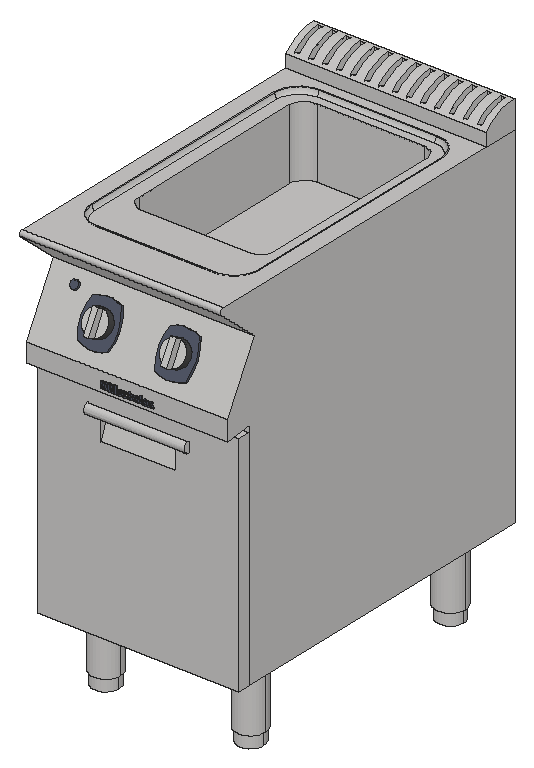
Revit family "QF_ELECTROLUXPROFESSIONAL_371098_E7PCED1KF0", category Specialty Equipment, Revit 2018 (continued)
Automatic sketch dimensions
  Extrusion 36 sketch curve to Extrusion 36 sketch curve = 0.717 mm  (x2)
  Extrusion 36 sketch curve to Extrusion 36 sketch curve = 1.667 mm
  Extrusion 36 sketch curve to Extrusion 36 sketch curve = 3.174 mm
  Extrusion 36 sketch curve to plane 7 "Center Y" = 0.741 mm
  Extrusion 36 sketch curve to Extrusion 36 sketch curve = 0.388 mm
  Extrusion 36 sketch curve to Extrusion 36 sketch curve = 1.342 mm
  Extrusion 36 sketch curve to Extrusion 36 sketch curve = 1.521 mm
  Extrusion 36 sketch curve to Extrusion 36 sketch curve = 0.124 mm
  Extrusion 36 sketch curve to Extrusion 36 sketch curve = 0.291 mm
  plane 7 "Center Y" to Extrusion 36 sketch curve = 6.176 mm
  Extrusion 36 sketch curve to Extrusion 36 sketch curve = 1.049 mm  (x2)
  Extrusion 36 sketch curve to Extrusion 36 sketch curve = 1.7 mm
  Extrusion 36 sketch curve to Extrusion 36 sketch curve = 0.894 mm
  Extrusion 36 sketch curve to Extrusion 36 sketch curve = 0.989 mm
  Extrusion 36 sketch curve to Extrusion 36 sketch curve = 1.168 mm
  Extrusion 36 sketch curve to Extrusion 36 sketch curve = 1.594 mm
  Extrusion 36 sketch curve to Extrusion 36 sketch curve = 0.731 mm
  Extrusion 36 sketch curve to Extrusion 36 sketch curve = 1.566 mm
  Extrusion 36 sketch curve to Extrusion 36 sketch curve = 0.064 mm
  plane 7 "Center Y" to Extrusion 36 sketch curve = 6.733 mm
  Extrusion 36 sketch curve to Extrusion 36 sketch curve = 0.556 mm  (x2)
  Extrusion 36 sketch curve to Extrusion 36 sketch curve = 0.48 mm
  Extrusion 36 sketch curve to Extrusion 36 sketch curve = 1.018 mm
  Extrusion 36 sketch curve to Extrusion 36 sketch curve = 0.787 mm
  Extrusion 36 sketch curve to Extrusion 36 sketch curve = 0.618 mm
  Extrusion 36 sketch curve to Extrusion 36 sketch curve = 1.672 mm
  Extrusion 36 sketch curve to Extrusion 36 sketch curve = 1.361 mm
  Extrusion 36 sketch curve to Extrusion 36 sketch curve = 0.822 mm
  Extrusion 36 sketch curve to Extrusion 36 sketch curve = 0.069 mm
  Extrusion 36 sketch curve to Extrusion 36 sketch curve = 1.88 mm
  Extrusion 36 sketch curve to Extrusion 36 sketch curve = 0.42 mm
  Extrusion 36 sketch curve to Extrusion 36 sketch curve = 0.062 mm
  Extrusion 36 sketch curve to Extrusion 36 sketch curve = 1.355 mm
  Extrusion 36 sketch curve to Extrusion 36 sketch curve = 2.34 mm
  Extrusion 36 sketch curve to Extrusion 36 sketch curve = 0.493 mm
  Extrusion 36 sketch curve to Extrusion 36 sketch curve = 0.136 mm
  Extrusion 36 sketch curve to Extrusion 36 sketch curve = 0.128 mm
  Extrusion 36 sketch curve to Extrusion 36 sketch curve = 3.616 mm
  Extrusion 36 sketch curve to Extrusion 36 sketch curve = 4.207 mm
  Extrusion 36 sketch curve to Extrusion 36 sketch curve = 0.183 mm
  Extrusion 36 sketch curve to Extrusion 36 sketch curve = 0.895 mm
  Extrusion 36 sketch curve to Extrusion 36 sketch curve = 1.314 mm
  Extrusion 36 sketch curve to Extrusion 36 sketch curve = 3.231 mm
  Extrusion 36 sketch curve to Extrusion 36 sketch curve = 1.299 mm
  Extrusion 36 sketch curve to Extrusion 36 sketch curve = 1.214 mm
  Extrusion 36 sketch curve to Extrusion 36 sketch curve = 1.264 mm
  Extrusion 36 sketch curve to Extrusion 36 sketch curve = 0.109 mm
  Extrusion 36 sketch curve to Extrusion 36 sketch curve = 0.357 mm
  Extrusion 36 sketch curve to Extrusion 36 sketch curve = 0.565 mm
  Extrusion 36 sketch curve to Extrusion 36 sketch curve = 2.504 mm
  Extrusion 36 sketch curve to Extrusion 36 sketch curve = 2.459 mm
  Extrusion 36 sketch curve to Extrusion 36 sketch curve = 1.322 mm
  Extrusion 36 sketch curve to Extrusion 36 sketch curve = 2.77 mm
  Extrusion 36 sketch curve to Extrusion 36 sketch curve = 2.51 mm
  Extrusion 36 sketch curve to Extrusion 36 sketch curve = 0.187 mm
  Extrusion 36 sketch curve to Extrusion 36 sketch curve = 2.559 mm
  Extrusion 36 sketch curve to Extrusion 36 sketch curve = 1.556 mm
  Extrusion 36 sketch curve to Extrusion 36 sketch curve = 0.222 mm
  Extrusion 36 sketch curve to Extrusion 36 sketch curve = 1.383 mm
  Extrusion 36 sketch curve to Extrusion 36 sketch curve = 3.114 mm
  Extrusion 36 sketch curve to Extrusion 36 sketch curve = 3.376 mm
  Extrusion 36 sketch curve to Extrusion 36 sketch curve = 0.934 mm
  Extrusion 36 sketch curve to Extrusion 36 sketch curve = 0.191 mm
  Extrusion 36 sketch curve to Extrusion 36 sketch curve = 3.696 mm
  Extrusion 36 sketch curve to Extrusion 36 sketch curve = 2.708 mm
  Extrusion 36 sketch curve to Extrusion 36 sketch curve = 3.333 mm
  Extrusion 36 sketch curve to Extrusion 36 sketch curve = 0.332 mm
  Extrusion 36 sketch curve to Extrusion 36 sketch curve = 1.087 mm
  Extrusion 36 sketch curve to Extrusion 36 sketch curve = 2.23 mm
  Extrusion 36 sketch curve to Extrusion 36 sketch curve = 2.757 mm
  Extrusion 36 sketch curve to Extrusion 36 sketch curve = 0.987 mm
  Extrusion 36 sketch curve to Extrusion 36 sketch curve = 1.529 mm
  Extrusion 36 sketch curve to Extrusion 36 sketch curve = 1.796 mm
  Extrusion 36 sketch curve to Extrusion 36 sketch curve = 2.859 mm
  Extrusion 36 sketch curve to Extrusion 36 sketch curve = 0.853 mm
  Extrusion 36 sketch curve to Extrusion 36 sketch curve = 1.241 mm
  Extrusion 36 sketch curve to Extrusion 36 sketch curve = 2.046 mm  (x2)
  Extrusion 36 sketch curve to Extrusion 36 sketch curve = 2.422 mm
  Extrusion 36 sketch curve to Extrusion 36 sketch curve = 0.27 mm  (x2)
  Extrusion 36 sketch curve to Extrusion 36 sketch curve = 0.69 mm
  Extrusion 36 sketch curve to Extrusion 36 sketch curve = 0.781 mm  (x2)
  Extrusion 36 sketch curve to Extrusion 36 sketch curve = 3.136 mm
  Extrusion 36 sketch curve to Extrusion 36 sketch curve = 1.767 mm
  Extrusion 36 sketch curve to Extrusion 36 sketch curve = 0.138 mm
  Extrusion 36 sketch curve to Extrusion 36 sketch curve = 0.777 mm
  Extrusion 36 sketch curve to Extrusion 36 sketch curve = 1.19 mm
  Extrusion 36 sketch curve to Extrusion 36 sketch curve = 0.782 mm
  Extrusion 36 sketch curve to Extrusion 36 sketch curve = 1.268 mm
  Extrusion 36 sketch curve to Extrusion 36 sketch curve = 0.422 mm  (x2)
  Extrusion 36 sketch curve to Extrusion 36 sketch curve = 1.559 mm
  Extrusion 36 sketch curve to Extrusion 36 sketch curve = 3.927 mm
  Extrusion 36 sketch curve to Extrusion 36 sketch curve = 0.983 mm
  Extrusion 36 sketch curve to Extrusion 36 sketch curve = 1.134 mm
  Extrusion 36 sketch curve to Extrusion 36 sketch curve = 0.094 mm
  Extrusion 36 sketch curve to Extrusion 36 sketch curve = 1.584 mm
  Extrusion 36 sketch curve to Extrusion 36 sketch curve = 0.643 mm
  Extrusion 36 sketch curve to Extrusion 36 sketch curve = 0.916 mm
  Extrusion 36 sketch curve to Extrusion 36 sketch curve = 0.352 mm
  Extrusion 36 sketch curve to Extrusion 36 sketch curve = 0.458 mm
  Extrusion 36 sketch curve to Extrusion 36 sketch curve = 1.282 mm
  Extrusion 36 sketch curve to Extrusion 36 sketch curve = 1.363 mm
  Extrusion 36 sketch curve to Extrusion 36 sketch curve = 0.685 mm
  Extrusion 36 sketch curve to Extrusion 36 sketch curve = 0.905 mm
  Extrusion 36 sketch curve to Extrusion 36 sketch curve = 2.865 mm
  Extrusion 36 sketch curve to Extrusion 36 sketch curve = 0.472 mm
  Extrusion 36 sketch curve to Extrusion 36 sketch curve = 0.101 mm
  Extrusion 36 sketch curve to Extrusion 36 sketch curve = 0.54 mm
  Extrusion 36 sketch curve to Extrusion 36 sketch curve = 0.02 mm
  Extrusion 36 sketch curve to Extrusion 36 sketch curve = 0.468 mm
  Extrusion 36 sketch curve to Extrusion 36 sketch curve = 0.829 mm
  Extrusion 36 sketch curve to Extrusion 36 sketch curve = 0.582 mm
  Extrusion 36 sketch curve to Extrusion 36 sketch curve = 0.166 mm
  Extrusion 36 sketch curve to Extrusion 36 sketch curve = 0.16 mm
  Extrusion 36 sketch curve to Extrusion 36 sketch curve = 2.781 mm
  Extrusion 36 sketch curve to Extrusion 36 sketch curve = 1.118 mm
  Extrusion 36 sketch curve to Extrusion 36 sketch curve = 0.613 mm
  Extrusion 36 sketch curve to Extrusion 36 sketch curve = 0.361 mm
  Extrusion 36 sketch curve to Extrusion 36 sketch curve = 0.897 mm
  Extrusion 36 sketch curve to Extrusion 36 sketch curve = 0.167 mm
  Extrusion 36 sketch curve to Extrusion 36 sketch curve = 0.292 mm
  Extrusion 36 sketch curve to Extrusion 36 sketch curve = 0.305 mm
  Extrusion 36 sketch curve to Extrusion 36 sketch curve = 1.557 mm
  Extrusion 36 sketch curve to Extrusion 36 sketch curve = 2.499 mm
  Extrusion 36 sketch curve to Extrusion 36 sketch curve = 3.062 mm
  Extrusion 36 sketch curve to Extrusion 36 sketch curve = 2.968 mm
  Extrusion 36 sketch curve to Extrusion 36 sketch curve = 5.044 mm
  Extrusion 36 sketch curve to Extrusion 36 sketch curve = 0.629 mm  (x2)
  Extrusion 36 sketch curve to Extrusion 36 sketch curve = 1.131 mm
  Extrusion 36 sketch curve to Extrusion 36 sketch curve = 0.027 mm
  Extrusion 36 sketch curve to Extrusion 36 sketch curve = 2.235 mm
  radius of Extrusion 30 sketch curve = 25.4 mm
  radius of Extrusion 31 sketch curve to Extrusion 30 = 0 mm  (x2)
  radius of Extrusion 33 sketch curve = 25.4 mm
  radius of Extrusion 34 sketch curve to Extrusion 33 = 0 mm  (x2)
  radius of Extrusion 32 sketch curve = 8 mm
  radius of Extrusion 11 sketch curve = 12.7 mm  (x2)
Connectors
  electrical at (232, -370, 137.3), driven by "Volts", driven by "Watts"
    settings: on Extrusion 11, index 1, voltage 400 V, apparent load 6000 VA, apparent load phase1 0 VA, apparent load phase2 0 VA, apparent load phase3 0 VA, power factor 1, load classification "Other", number of poles 1, system type 30, power factor state 1, is connector primary yes, connector utility no, sub classification motor no, connector description "Electrical Connection"
  piping at (231.975, -581, 137.3), diameter 25.4
    settings: on Extrusion 11, index 2, connector inside diameter 1", connector length 0 mm, flow factor 0, pipe flow 0 GPM, pressure drop 0.00 psi, fitting loss kfactor 0, connector angle 0.00°, fixture units 0, engagement length 0 mm, angle of deflection 0.00°, flow configuration 1, flow direction 2, fitting loss method 0, system type 16, joint type 0, gender type 0, connector reference index -1, connector utility 0, adjustable connector no, is connector primary yes, connector description "Drain"
  piping at (335, -501, 198.4), diameter 12.8
    settings: on Extrusion 35, index 4, connector inside diameter 0.50394", connector length 0 mm, flow factor 0, pipe flow 0 GPM, pressure drop 0.00 psi, fitting loss kfactor 0, connector angle 0.00°, fixture units 0, engagement length 0 mm, angle of deflection 0.00°, flow configuration 1, flow direction 1, fitting loss method 0, system type 20, joint type 0, gender type 0, connector reference index -1, connector utility 0, adjustable connector no, is connector primary no, connector description "Cold Water Inlet"
